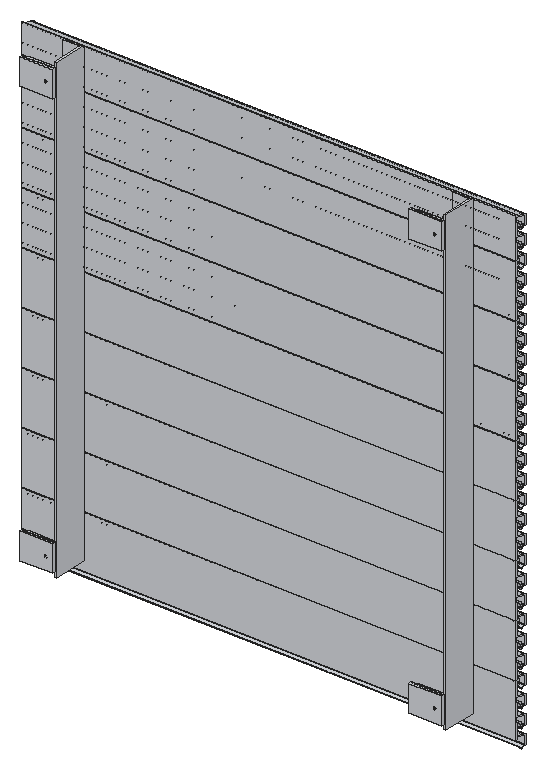
Revit family "NLRS_23_GM_WPB_HS27R gevelbekleding_jazo_jazo", category Generic Models, Revit 2020 (continued)
Definition of nested family "NLRS_31_GM_UN_skin schoep HS27R dubbel-AV"
  Forms (mm)
    Extrusion 2, solid, material <- "NLRS_C_materiaal", visible <- "NLRS_C_zichtbaar_01"
      sketch origin (0, -12.5, 0) x (0, -1, 0) y (0, 0, -1)
        loop
          arc (-15.667, -1.738) -> (-15.031, -0.635) -> (-16.133, 0.001) r 0.9
          line (-16.133, 0.001) -> (-24.259, -2.176)
          arc (-24.259, -2.176) -> (-24.793, -2.533) -> (-25, -3.142) r 1
          line (-25, -3.142) -> (-25, -21.608)
          arc (-25, -21.608) -> (-24.793, -22.216) -> (-24.259, -22.573) r 1
          line (-24.259, -22.573) -> (-2.641, -28.366)
          arc (-2.641, -28.366) -> (-2.107, -28.723) -> (-1.9, -29.332) r 1
          line (-1.9, -29.332) -> (-1.9, -45.104)
          arc (-1.9, -45.104) -> (-2.046, -45.458) -> (-2.4, -45.604) r 0.5
          line (-2.4, -45.604) -> (-7.4, -45.604)
          arc (-7.4, -45.604) -> (-7.754, -45.751) -> (-7.9, -46.104) r 0.5
          line (-7.9, -46.104) -> (-7.9, -47.604)
          arc (-7.9, -47.604) -> (-7.754, -47.958) -> (-7.4, -48.104) r 0.5
          line (-7.4, -48.104) -> (-2.4, -48.104)
          arc (-2.4, -48.104) -> (-2.046, -48.251) -> (-1.9, -48.604) r 0.5
          line (-1.9, -48.604) -> (-1.9, -53.104)
          arc (-1.9, -53.104) -> (-2.046, -53.458) -> (-2.4, -53.604) r 0.5
          line (-2.4, -53.604) -> (-7.4, -53.604)
          arc (-7.4, -53.604) -> (-7.754, -53.751) -> (-7.9, -54.104) r 0.5
          line (-7.9, -54.104) -> (-7.9, -55.604)
          arc (-7.9, -55.604) -> (-7.754, -55.958) -> (-7.4, -56.104) r 0.5
          line (-7.4, -56.104) -> (-5.2, -56.104)
          arc (-5.2, -56.104) -> (-4.846, -56.251) -> (-4.7, -56.604) r 0.5
          line (-4.7, -56.604) -> (-4.7, -60.204)
          arc (-4.7, -60.204) -> (-4, -60.904) -> (-3.3, -60.204) r 0.7
          line (-3.3, -60.204) -> (-3.3, -56.604)
          arc (-3.3, -56.604) -> (-3.154, -56.251) -> (-2.8, -56.104) r 0.5
          line (-2.8, -56.104) -> (-0.5, -56.104)
          arc (-0.5, -56.104) -> (-0.146, -55.958) -> (0, -55.604) r 0.5
          line (0, -55.604) -> (0, -20.736) -> (-1.9, -20.736) -> (-1.9, -24.984)
          arc (-1.9, -24.984) -> (-2.291, -25.777) -> (-3.159, -25.95) r 1
          line (-3.159, -25.95) -> (-22.459, -20.778)
          arc (-22.459, -20.778) -> (-22.993, -20.421) -> (-23.2, -19.812) r 1
          line (-23.2, -19.812) -> (-23.2, -4.523)
          arc (-23.2, -4.523) -> (-22.993, -3.915) -> (-22.459, -3.557) r 1
          line (-22.459, -3.557) -> (-15.667, -1.738)
      from -371 to 371
  Dimensions and locks
    equal spacing: plane 4 "Left", plane 3 "Center (Left/Right)", plane 5 "Right"
    "NLRS_C_breedte": plane 4 "Left" to plane 5 "Right"
    "NLRS_C_stelruimte_01": plane 4 "Left" to plane 7 "schoep l"
    "NLRS_C_stelruimte_01": plane 8 "schoep r" to plane 5 "Right"
    aligned and locked: level to plane 2 "Bottom"
    aligned and locked: Extrusion 1 to plane 7 "schoep l"
    aligned and locked: Extrusion 1 to plane 8 "schoep r"
    aligned and locked: Extrusion 2 to plane 8 "schoep r"
    aligned and locked: Extrusion 2 to plane 7 "schoep l"
  Automatic sketch dimensions
    level to Extrusion 1 sketch curve = 39.142 mm
    Extrusion 1 sketch curve to plane 1 "Center (Front/Back)" = 12.5 mm
    level to Extrusion 1 sketch curve = 38.176 mm
    Extrusion 1 sketch curve to Extrusion 1 sketch curve = 0.741 mm  (x4)
    Extrusion 1 sketch curve to Extrusion 1 sketch curve = 1.0 mm  (x4)
    Extrusion 1 sketch curve to Extrusion 1 sketch curve = 0.8 mm
    level to Extrusion 1 sketch curve = 39.557 mm
    Extrusion 1 sketch curve to Extrusion 1 sketch curve = 0.259 mm  (x4)
    level to Extrusion 1 sketch curve = 35.999 mm
    Extrusion 1 sketch curve to plane 1 "Center (Front/Back)" = 3.633 mm
    Extrusion 1 sketch curve to Extrusion 1 sketch curve = 0.233 mm  (x2)
    plane 1 "Center (Front/Back)" to Extrusion 1 sketch curve = 4.6 mm  (x2)
    Extrusion 1 sketch curve to Extrusion 1 sketch curve = 0.5 mm  (x7)
    Extrusion 1 sketch curve to Extrusion 1 sketch curve = 2.2 mm
    Extrusion 1 sketch curve to plane 6 "Top" = 0.7 mm
    Extrusion 1 sketch curve to Extrusion 1 sketch curve = 0.7 mm
    plane 1 "Center (Front/Back)" to Extrusion 1 sketch curve = 9.341 mm
    Extrusion 1 sketch curve to Extrusion 1 sketch curve = 0.4 mm
    Extrusion 1 sketch curve to Extrusion 1 sketch curve = 5.0 mm
    Extrusion 1 sketch curve to Extrusion 1 sketch curve = 0.0 mm  (x2)
    Extrusion 1 sketch curve to Extrusion 1 sketch curve = 2.3 mm
    Extrusion 1 sketch curve to Extrusion 1 sketch curve = 1.9 mm
    Extrusion 1 sketch curve to Extrusion 1 sketch curve = 3.6 mm
    Extrusion 1 sketch curve to Extrusion 1 sketch curve = 1.5 mm  (x2)
    Extrusion 1 sketch curve to Extrusion 1 sketch curve = 4.5 mm
    Extrusion 1 sketch curve to Extrusion 1 sketch curve = 15.773 mm
    Extrusion 1 sketch curve to Extrusion 1 sketch curve = 2.416 mm
    Extrusion 1 sketch curve to Extrusion 1 sketch curve = 18.05 mm
    Extrusion 1 sketch curve to Extrusion 1 sketch curve = 0.829 mm
    Extrusion 1 sketch curve to Extrusion 1 sketch curve = 4.247 mm
    level to Extrusion 1 sketch curve = 37.738 mm
    Extrusion 2 sketch curve to plane 9 "voorkant schoep" = 0.0 mm
    Extrusion 2 sketch curve to plane 10 "achterkant schoep" = 0.0 mm
    Extrusion 2 sketch curve to plane 9 "voorkant schoep" = 0.741 mm  (x2)
    Extrusion 2 sketch curve to Extrusion 2 sketch curve = 1.0 mm  (x5)
    Extrusion 2 sketch curve to plane 9 "voorkant schoep" = 1.8 mm
    Extrusion 2 sketch curve to Extrusion 2 sketch curve = 0.741 mm  (x2)
    Extrusion 2 sketch curve to level = 0.001 mm
    Extrusion 2 sketch curve to plane 1 "Center (Front/Back)" = 3.633 mm
    Extrusion 2 sketch curve to Extrusion 2 sketch curve = 0.233 mm  (x2)
    plane 1 "Center (Front/Back)" to Extrusion 2 sketch curve = 4.6 mm  (x2)
    Extrusion 2 sketch curve to Extrusion 2 sketch curve = 0.5 mm  (x7)
    Extrusion 2 sketch curve to Extrusion 2 sketch curve = 2.2 mm
    Extrusion 2 sketch curve to Extrusion 2 sketch curve = 0.7 mm
    Extrusion 2 sketch curve to plane 10 "achterkant schoep" = 3.159 mm
    Extrusion 2 sketch curve to plane 10 "achterkant schoep" = 2.9 mm
    Extrusion 2 sketch curve to Extrusion 2 sketch curve = 0.259 mm  (x2)
    Extrusion 2 sketch curve to plane 10 "achterkant schoep" = 2.4 mm  (x3)
    Extrusion 2 sketch curve to plane 10 "achterkant schoep" = 1.9 mm
    Extrusion 2 sketch curve to plane 10 "achterkant schoep" = 0.5 mm
    level to Extrusion 2 sketch curve = 0.868 mm
    level to Extrusion 2 sketch curve = 2.176 mm
    Extrusion 2 sketch curve to Extrusion 2 sketch curve = 0.415 mm
    Extrusion 2 sketch curve to Extrusion 2 sketch curve = 15.289 mm
    Extrusion 2 sketch curve to Extrusion 2 sketch curve = 0.924 mm
    Extrusion 2 sketch curve to Extrusion 2 sketch curve = 1.795 mm
    Extrusion 2 sketch curve to Extrusion 2 sketch curve = 4.247 mm
    Extrusion 2 sketch curve to Extrusion 2 sketch curve = 2.416 mm
    Extrusion 2 sketch curve to Extrusion 2 sketch curve = 15.773 mm
    Extrusion 2 sketch curve to Extrusion 2 sketch curve = 1.5 mm  (x2)
    Extrusion 2 sketch curve to Extrusion 2 sketch curve = 4.5 mm
    Extrusion 2 sketch curve to Extrusion 2 sketch curve = 2.0 mm
    Extrusion 2 sketch curve to Extrusion 2 sketch curve = 3.6 mm
Definition of nested family "NLRS_31_GA_UN_error message skin"
  Parameters (values of type "error message")
    NLRS_C_zichtbaar_10 = if(NLRS_C_zichtbaar_01, 1 < 2, if(NLRS_C_zichtbaar_02, 1 < 2, if(NLRS_C_zichtbaar_04, 1 < 2, if(NLRS_C_zichtbaar_03, 1 < 2, 2 < 1))))  # yes
    NLRS_C_zichtbaar_04 = if(NLRS_C_breedte < NLRS_C_breedte_min, 1 < 2, 2 < 1)  # no
    NLRS_C_zichtbaar_03 = if(NLRS_C_hoogte < NLRS_C_hoogte_min, 1 < 2, 2 < 1)  # yes
    NLRS_C_zichtbaar_02 = if(NLRS_C_diepte < NLRS_C_diepte_min, 1 < 2, 2 < 1)  # no
    NLRS_C_zichtbaar_01 = if(NLRS_C_diepte > NLRS_C_diepte_max, 1 < 2, 2 < 1)  # no
    NLRS_C_hoogte_min = 360.0 mm
    NLRS_C_hoogte = 200.0 mm
    NLRS_C_diepte_min = 82.5 mm
    NLRS_C_diepte_max = 366.5 mm
    NLRS_C_diepte = 100.0 mm
    NLRS_C_breedte_min = 350.0 mm
    NLRS_C_breedte = 1000.0 mm
  Reference planes
    plane 1: y = 0
    plane 2: x = 0
  Lines and regions (mm)
    Filled region 1, type "Zwart", not visible
      outline origin (253.64, 140.595, 0) x (1, 0, 0) y (0, 1, 0)
        loop
          line (134.592, 287.146) -> (41.891, 131.062)
          arc (41.891, 131.062) -> (41.863, 128.047) -> (44.47, 126.53) r 3
          line (44.47, 126.53) -> (229.873, 126.53)
          arc (229.873, 126.53) -> (232.48, 128.047) -> (232.452, 131.062) r 3
          line (232.452, 131.062) -> (139.751, 287.146)
          arc (139.751, 287.146) -> (137.171, 288.614) -> (134.592, 287.146) r 3
        loop
          line (62.04, 139.53) -> (212.303, 139.53) -> (137.171, 266.031) -> (62.04, 139.53)
    Filled region 2, type "Geel", not visible
      outline origin (253.64, 140.595, 0) x (1, 0, 0) y (0, 1, 0)
        loop
          line (62.04, 139.53) -> (212.303, 139.53) -> (137.171, 266.031) -> (62.04, 139.53)
    Filled region 3, type "Zwart", not visible
      outline origin (253.64, 140.595, 0) x (1, 0, 0) y (0, 1, 0)
        loop
          line (127.78, 234.406) -> (132.476, 171.156) -> (141.867, 171.156) -> (146.563, 234.406) -> (127.78, 234.406)
        loop
          circle (137.171, 160.994) r 7.044
    Filled region 4, type "Rood 2", visible <- "NLRS_C_zichtbaar_10"
      outline origin (0, 0, 0) x (1, 0, 0) y (0, 1, 0)
        loop
          line (-50, 14) -> (-50, -14) -> (50, -14) -> (50, 14) -> (-50, 14)
  Text (mm)
    text "Error: Diepte > Max Diepte" at (-1.89, 6.09, 0), visible <- "NLRS_C_zichtbaar_01"
    text "Error: Diepte < Min Diepte" at (-1.89, 6.09, 0), visible <- "NLRS_C_zichtbaar_02"
    text "Error: Width < Min Width" at (-1.89, 0.09, 0), visible <- "NLRS_C_zichtbaar_04"
    text "Error: Height < Min Height" at (-1.89, -6.16, 0), visible <- "NLRS_C_zichtbaar_03"
  Dimensions and locks
    equal spacing: Filled region 4 sketch curve, plane 1, Filled region 4 sketch curve
    Filled region 4 sketch curve to Filled region 4 sketch curve = 28.0 mm
    plane 1 to Filled region 4 sketch curve = 14.0 mm
    equal spacing: Filled region 4 sketch curve, plane 2, Filled region 4 sketch curve
    Filled region 4 sketch curve to plane 2 = 50.0 mm
